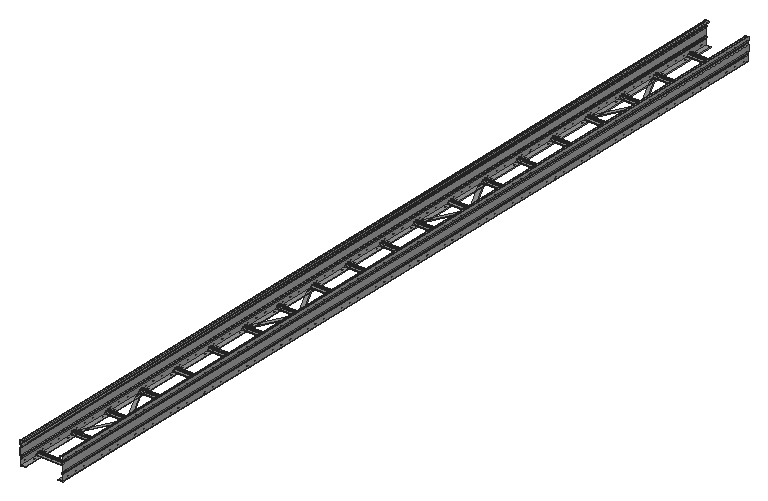
Revit family "W1630 FS, FT, FT SO, A4.28.08", category Generic Models, Revit 2017
Family settings
  Can host rebar = No
  Round Connector Dimension = Use Diameter
  Part Type = Normal
  Work Plane-Based = No
  Always vertical = Yes
  Cut with Voids When Loaded = No
  Shared = No
  Room Calculation Point = No
Parameters (values of type "WKLG 1630 FT")
  Width/2 = 300 mm / 2  # 150 mm
  Width = 300 mm
  URL = "http://obo-bettermann.com"
  Material = Hot-dip galvanised
  Manufacturer Art.No. = "6227139"
  Manufacturer = "OBO Bettermann"
  Length = 6000 mm
  Height 1 = 2 mm
  Height = 160 mm
  GTIN = "4012196169450"
  Cut's space 3 = 1500 mm
  Cut's space 2 = 300 mm
  Cut's space = 75 mm
  Cut's number 3 = Length / Cut's space 3  # 4
  Cut's number 2 = Length / Cut's space 2  # 20
  Cut's number = Length / Cut's space  # 80
  Article Type = "WKLG 1630 FT"
Reference planes
  plane 1 "Center (Front/Back)": y = 0
  plane 2: z = 0
  plane 3 "Center (Left/Right)": x = 0
  plane 4: z = 122
  plane 5: z = 52
  plane 6: z = 160
  plane 7: z = 122
  plane 8: z = 52
  plane 9: z = 160
  plane 10: z = 20
  plane 11: y = 37.5
  plane 12: z = 140
  plane 13: y = 37.5
  plane 14: z = 159.957
  plane 15: y = 112.5
  plane 16: z = 159.957
  plane 17: y = 187.5
  plane 18: z = 159.957
  plane 19: y = 262.5
  plane 20: z = 159.957
  plane 21: y = 337.5
  plane 22: z = 159.957
  plane 23: y = 412.5
  plane 24: z = 159.957
  plane 25: y = 487.5
  plane 26: z = 159.957
  plane 27: y = 562.5
  plane 28: z = 159.957
  plane 29: y = 637.5
  plane 30: z = 159.957
  plane 31: y = 712.5
  plane 32: z = 159.957
  plane 33: y = 787.5
  plane 34: z = 159.957
  plane 35: y = 862.5
  plane 36: z = 159.957
  plane 37: y = 937.5
  plane 38: z = 159.957
  plane 39: y = 1012.5
  plane 40: z = 159.957
  plane 41: y = 1087.5
  plane 42: z = 159.957
  plane 43: y = 1162.5
  plane 44: z = 159.957
  plane 45: y = 1237.5
  plane 46: z = 159.957
  plane 47: y = 1312.5
  plane 48: z = 159.957
  plane 49: y = 1387.5
  plane 50: z = 159.957
  plane 51: y = 1462.5
  plane 52: z = 159.957
  plane 53: y = 1537.5
  plane 54: z = 159.957
  plane 55: y = 1612.5
  plane 56: z = 159.957
  plane 57: y = 1687.5
  plane 58: z = 159.957
  plane 59: y = 1762.5
  plane 60: z = 159.957
  plane 61: y = 1837.5
  plane 62: z = 159.957
  plane 63: y = 1912.5
  plane 64: z = 159.957
  plane 65: y = 1987.5
  plane 66: z = 159.957
  plane 67: y = 2062.5
  plane 68: z = 159.957
  plane 69: y = 2137.5
  plane 70: z = 159.957
  plane 71: y = 2212.5
  plane 72: z = 159.957
  plane 73: y = 2287.5
  plane 74: z = 159.957
  plane 75: y = 2362.5
  plane 76: z = 159.957
  plane 77: y = 2437.5
  plane 78: z = 159.957
  plane 79: y = 2512.5
  plane 80: z = 159.957
  plane 81: y = 2587.5
  plane 82: z = 159.957
  plane 83: y = 2662.5
  plane 84: z = 159.957
  plane 85: y = 2737.5
  plane 86: z = 159.957
  plane 87: y = 2812.5
  plane 88: z = 159.957
  plane 89: y = 2887.5
  plane 90: z = 159.957
  plane 91: y = 2962.5
  plane 92: z = 159.957
  plane 93: y = 3037.5
  plane 94: z = 159.957
  plane 95: y = 3112.5
  plane 96: z = 159.957
  plane 97: y = 3187.5
  plane 98: z = 159.957
  plane 99: y = 3262.5
  plane 100: z = 159.957
  plane 101: y = 3337.5
  plane 102: z = 159.957
  plane 103: y = 3412.5
  plane 104: z = 159.957
  plane 105: y = 3487.5
  plane 106: z = 159.957
  plane 107: y = 3562.5
  plane 108: z = 159.957
  plane 109: y = 3637.5
  plane 110: z = 159.957
  plane 111: y = 3712.5
  plane 112: z = 159.957
  plane 113: y = 3787.5
  plane 114: z = 159.957
  plane 115: y = 3862.5
  plane 116: z = 159.957
  plane 117: y = 3937.5
  plane 118: z = 159.957
  plane 119: y = 4012.5
  plane 120: z = 159.957
  plane 121: y = 4087.5
  plane 122: z = 159.957
  plane 123: y = 4162.5
  plane 124: z = 159.957
  plane 125: y = 4237.5
  plane 126: z = 159.957
  plane 127: y = 4312.5
  plane 128: z = 159.957
  plane 129: y = 4387.5
  plane 130: z = 159.957
  plane 131: y = 4462.5
  plane 132: z = 159.957
  plane 133: y = 4537.5
  plane 134: z = 159.957
  plane 135: y = 4612.5
  plane 136: z = 159.957
  plane 137: y = 4687.5
  plane 138: z = 159.957
  plane 139: y = 4762.5
  plane 140: z = 159.957
  plane 141: y = 4837.5
  plane 142: z = 159.957
  plane 143: y = 4912.5
  plane 144: z = 159.957
  plane 145: y = 4987.5
  plane 146: z = 159.957
  plane 147: y = 5062.5
  plane 148: z = 159.957
  plane 149: y = 5137.5
  plane 150: z = 159.957
  plane 151: y = 5212.5
  plane 152: z = 159.957
  plane 153: y = 5287.5
  plane 154: z = 159.957
  plane 155: y = 5362.5
  plane 156: z = 159.957
  plane 157: y = 5437.5
  plane 158: z = 159.957
  plane 159: y = 5512.5
  plane 160: z = 159.957
  plane 161: y = 5587.5
  plane 162: z = 159.957
  plane 163: y = 5662.5
  plane 164: z = 159.957
  plane 165: y = 5737.5
  plane 166: z = 159.957
  plane 167: y = 5812.5
  plane 168: z = 159.957
  plane 169: y = 5887.5
  plane 170: z = 159.957
  plane 171: y = 5962.5
  plane 172: z = 159.957
  plane 173: z = 21.5
  plane 174: y = 141.595
  plane 175: y = 158.095
  plane 176: x = 146.514
  plane 177: x = 148.514
  plane 178: y = 99.595
  plane 179: y = 199.595
  plane 180: y = 149.595
  plane 181: x = -132
  plane 182: x = -134.5
  plane 183: x = -134.5
  plane 184: x = -134.5
  plane 185: x = -134.5
  plane 186: x = -134.5
  plane 187: x = -134.5
  plane 188: x = -134.5
  plane 189: x = -134.5
  plane 190: x = -134.5
  plane 191: x = -134.5
  plane 192: x = -134.5
  plane 193: x = -134.5
  plane 194: x = -134.5
  plane 195: x = -134.5
  plane 196: x = -134.5
  plane 197: x = -134.5
  plane 198: x = -134.5
  plane 199: x = -134.5
  plane 200: x = -134.5
  plane 201: x = -134.5
  plane 202: x = -132
  plane 203: x = -134.5
  plane 204: x = -134.5
  plane 205: x = -134.5
  plane 206: x = -134.5
  plane 207: x = -134.5
  plane 208: x = -134.5
  plane 209: x = -134.5
  plane 210: x = -134.5
  plane 211: x = -134.5
  plane 212: x = -134.5
  plane 213: x = -134.5
  plane 214: x = -134.5
  plane 215: x = -134.5
  plane 216: x = -134.5
  plane 217: x = -134.5
  plane 218: x = -134.5
  plane 219: x = -134.5
  plane 220: x = -134.5
  plane 221: x = -134.5
  plane 222: x = -134.5
  plane 223: y = 99.595
  plane 224: y = 199.595
  plane 225: x = 132
  plane 226: x = 134.5
  plane 227: x = -134.5
  plane 228: x = 132
  plane 229: x = -134.5
  plane 230: x = -137.5
  plane 231: x = -107.5
  plane 232: x = 137.5
  plane 233: y = 149.595
  plane 234: x = 107.5
  plane 235: x = -104.067
  plane 236: x = 140.164
  plane 237: x = -134.836
  plane 238: x = 111
  plane 239: z = 21.5
  plane 240: z = 21.5
  plane 241: x = -107.5
  plane 242: x = 137.5
  plane 243: y = 449.595
  plane 244: x = 107.5
  plane 245: x = -104.067
  plane 246: x = 140.164
  plane 247: x = -134.836
  plane 248: x = 111
  plane 249: z = 21.5
  plane 250: x = -107.5
  plane 251: x = 137.5
  plane 252: y = 749.595
  plane 253: x = 107.5
  plane 254: x = -104.067
  plane 255: x = 140.164
  plane 256: x = -134.836
  plane 257: x = 111
  plane 258: z = 21.5
  plane 259: x = -107.5
  plane 260: x = 137.5
  plane 261: y = 1049.595
  plane 262: x = 107.5
  plane 263: x = -104.067
  plane 264: x = 140.164
  plane 265: x = -134.836
  plane 266: x = 111
  plane 267: z = 21.5
  plane 268: x = -107.5
  plane 269: x = 137.5
  plane 270: y = 1349.595
  plane 271: x = 107.5
  plane 272: x = -104.067
  plane 273: x = 140.164
  plane 274: x = -134.836
  plane 275: x = 111
  plane 276: z = 21.5
  plane 277: x = -107.5
  plane 278: x = 137.5
  plane 279: y = 1649.595
  plane 280: x = 107.5
  plane 281: x = -104.067
  plane 282: x = 140.164
  plane 283: x = -134.836
  plane 284: x = 111
  plane 285: z = 21.5
  plane 286: x = -107.5
  plane 287: x = 137.5
  plane 288: y = 1949.595
  plane 289: x = 107.5
  plane 290: x = -104.067
  plane 291: x = 140.164
  plane 292: x = -134.836
  plane 293: x = 111
  plane 294: z = 21.5
  plane 295: x = -107.5
  plane 296: x = 137.5
  plane 297: y = 2249.595
  plane 298: x = 107.5
  plane 299: x = -104.067
  plane 300: x = 140.164
  plane 301: x = -134.836
  plane 302: x = 111
  plane 303: z = 21.5
  plane 304: x = -107.5
  plane 305: x = 137.5
  plane 306: y = 2549.595
  plane 307: x = 107.5
  plane 308: x = -104.067
  plane 309: x = 140.164
  plane 310: x = -134.836
  plane 311: x = 111
  plane 312: z = 21.5
  plane 313: x = -107.5
  plane 314: x = 137.5
  plane 315: y = 2849.595
  plane 316: x = 107.5
  plane 317: x = -104.067
  plane 318: x = 140.164
  plane 319: x = -134.836
  plane 320: x = 111
  plane 321: z = 21.5
  plane 322: x = -107.5
  plane 323: x = 137.5
  plane 324: y = 3149.595
  plane 325: x = 107.5
  plane 326: x = -104.067
  plane 327: x = 140.164
  plane 328: x = -134.836
  plane 329: x = 111
  plane 330: z = 21.5
  plane 331: x = -107.5
  plane 332: x = 137.5
  plane 333: y = 3449.595
  plane 334: x = 107.5
  plane 335: x = -104.067
  plane 336: x = 140.164
  plane 337: x = -134.836
  plane 338: x = 111
  plane 339: z = 21.5
  plane 340: x = -107.5
  plane 341: x = 137.5
  plane 342: y = 3749.595
  plane 343: x = 107.5
  plane 344: x = -104.067
  plane 345: x = 140.164
  plane 346: x = -134.836
  plane 347: x = 111
  plane 348: z = 21.5
  plane 349: x = -107.5
  plane 350: x = 137.5
  plane 351: y = 4049.595
  plane 352: x = 107.5
  plane 353: x = -104.067
  plane 354: x = 140.164
  plane 355: x = -134.836
  plane 356: x = 111
  plane 357: z = 21.5
  plane 358: x = -107.5
  plane 359: x = 137.5
  plane 360: y = 4349.595
  plane 361: x = 107.5
  plane 362: x = -104.067
  plane 363: x = 140.164
  plane 364: x = -134.836
  plane 365: x = 111
  plane 366: z = 21.5
  plane 367: x = -107.5
  plane 368: x = 137.5
  plane 369: y = 4649.595
  plane 370: x = 107.5
  plane 371: x = -104.067
  plane 372: x = 140.164
  plane 373: x = -134.836
  plane 374: x = 111
  plane 375: z = 21.5
  plane 376: x = -107.5
  plane 377: x = 137.5
  plane 378: y = 4949.595
  plane 379: x = 107.5
  plane 380: x = -104.067
  plane 381: x = 140.164
  plane 382: x = -134.836
  plane 383: x = 111
  plane 384: z = 21.5
  plane 385: x = -107.5
  plane 386: x = 137.5
  plane 387: y = 5249.595
  plane 388: x = 107.5
  plane 389: x = -104.067
  plane 390: x = 140.164
  plane 391: x = -134.836
  plane 392: x = 111
  plane 393: z = 21.5
  plane 394: x = -107.5
  plane 395: x = 137.5
  plane 396: y = 5549.595
  plane 397: x = 107.5
  plane 398: x = -104.067
  plane 399: x = 140.164
  plane 400: x = -134.836
  plane 401: x = 111
  plane 402: z = 21.5
  plane 403: x = -107.5
  plane 404: x = 137.5
  plane 405: y = 5849.595
  plane 406: x = 107.5
  plane 407: x = -104.067
  plane 408: x = 140.164
  plane 409: x = -134.836
  plane 410: x = 111
  plane 411: y = 177.446
  plane 412: y = 712.868
  plane 413: y = 705.646
  plane 414: y = 712.868
  plane 415: y = 177.446
  plane 416: y = 490.675
  plane 417: y = 490.675
  plane 418: y = 767.081
  plane 419: y = 2126.564
  plane 420: y = 749.595
  plane 421: y = 488.366
  plane 422: y = 1011.819
  plane 423: x = 137.923
  plane 424: y = 488.366
  plane 425: y = 1000.24
  plane 426: y = 1011.819
  plane 427: x = 115.618
  plane 428: y = 1000.24
  plane 429: y = 1988.366
  plane 430: y = 3488.366
  plane 431: y = 4988.366
Forms (mm)
  Extrusion 1, solid, material "Hot-dip galvanised" <- "Material"
    sketch origin (0, 0, 0) x (1, 0, 0) y (0, 0, 1)
      loop
        line (147, 160) -> (133, 160)
        arc (133, 160) -> (130.879, 159.121) -> (130, 157) r 3
        line (130, 157) -> (130, 150) -> (132, 150) -> (132, 156.5)
        arc (132, 156.5) -> (132.439, 157.561) -> (133.5, 158) r 1.5
        line (133.5, 158) -> (146.5, 158)
        arc (146.5, 158) -> (147.561, 157.561) -> (148, 156.5) r 1.5
        line (148, 156.5) -> (148, 133.761)
        arc (148, 133.761) -> (147.907, 133.16) -> (147.638, 132.614) r 2
        line (147.638, 132.614) -> (143.416, 126.584)
        arc (143.416, 126.584) -> (142.177, 121.959) -> (144.2, 117.619) r 7
        line (144.2, 117.619) -> (146.243, 115.577)
        arc (146.243, 115.577) -> (147.543, 113.63) -> (148, 111.334) r 6
        line (148, 111.334) -> (148, 63.94)
        arc (148, 63.94) -> (147.945, 63.474) -> (147.783, 63.034) r 2
        line (147.783, 63.034) -> (143.668, 54.935)
        arc (143.668, 54.935) -> (142.912, 51.978) -> (143.487, 48.979) r 7
        line (143.487, 48.979) -> (146.018, 43.142)
        arc (146.018, 43.142) -> (146.389, 41.974) -> (146.514, 40.755) r 6
        line (146.514, 40.755) -> (146.514, 3.5)
        arc (146.514, 3.5) -> (146.074, 2.439) -> (145.014, 2) r 1.5
        line (145.014, 2) -> (113.514, 2) -> (113.514, 0) -> (145.556, 0)
        arc (145.556, 0) -> (147.847, 1.064) -> (148.514, 3.5) r 3
        line (148.514, 3.5) -> (148.514, 40.755)
        arc (148.514, 40.755) -> (148.347, 42.38) -> (147.853, 43.938) r 8
        line (147.853, 43.938) -> (145.322, 49.775)
        arc (145.322, 49.775) -> (144.911, 51.917) -> (145.451, 54.029) r 5
        line (145.451, 54.029) -> (149.566, 62.128)
        arc (149.566, 62.128) -> (149.89, 63.008) -> (150, 63.94) r 4
        line (150, 63.94) -> (150, 111.334)
        arc (150, 111.334) -> (149.391, 114.396) -> (147.657, 116.991) r 8
        line (147.657, 116.991) -> (145.614, 119.033)
        arc (145.614, 119.033) -> (144.169, 122.133) -> (145.054, 125.437) r 5
        line (145.054, 125.437) -> (149.277, 131.467)
        arc (149.277, 131.467) -> (149.815, 132.558) -> (150, 133.761) r 4
        line (150, 133.761) -> (150, 157)
        arc (150, 157) -> (149.121, 159.121) -> (147, 160) r 3
    from -6000 to 0
  Extrusion 2, solid, material "Hot-dip galvanised" <- "Material"
    sketch origin (0, 0, 0) x (-1, 0, 0) y (0, 0, -1)
      loop
        arc (147, -160) -> (149.121, -159.121) -> (150, -157) r 3
        line (150, -157) -> (150, -133.761)
        arc (150, -133.761) -> (149.815, -132.558) -> (149.277, -131.467) r 4
        line (149.277, -131.467) -> (145.054, -125.437)
        arc (145.054, -125.437) -> (144.169, -122.133) -> (145.614, -119.033) r 5
        line (145.614, -119.033) -> (147.657, -116.991)
        arc (147.657, -116.991) -> (149.391, -114.396) -> (150, -111.334) r 8
        line (150, -111.334) -> (150, -63.94)
        arc (150, -63.94) -> (149.89, -63.008) -> (149.566, -62.128) r 4
        line (149.566, -62.128) -> (145.451, -54.029)
        arc (145.451, -54.029) -> (144.911, -51.917) -> (145.322, -49.775) r 5
        line (145.322, -49.775) -> (147.853, -43.938)
        arc (147.853, -43.938) -> (148.347, -42.38) -> (148.514, -40.755) r 8
        line (148.514, -40.755) -> (148.514, -3.5)
        arc (148.514, -3.5) -> (147.847, -1.064) -> (145.556, 0) r 3
        line (145.556, 0) -> (113.514, 0) -> (113.514, -2) -> (145.014, -2)
        arc (145.014, -2) -> (146.074, -2.439) -> (146.514, -3.5) r 1.5
        line (146.514, -3.5) -> (146.514, -40.755)
        arc (146.514, -40.755) -> (146.389, -41.974) -> (146.018, -43.142) r 6
        line (146.018, -43.142) -> (143.487, -48.979)
        arc (143.487, -48.979) -> (142.912, -51.978) -> (143.668, -54.935) r 7
        line (143.668, -54.935) -> (147.783, -63.034)
        arc (147.783, -63.034) -> (147.945, -63.474) -> (148, -63.94) r 2
        line (148, -63.94) -> (148, -111.334)
        arc (148, -111.334) -> (147.543, -113.63) -> (146.243, -115.577) r 6
        line (146.243, -115.577) -> (144.2, -117.619)
        arc (144.2, -117.619) -> (142.177, -121.959) -> (143.416, -126.584) r 7
        line (143.416, -126.584) -> (147.638, -132.614)
        arc (147.638, -132.614) -> (147.907, -133.16) -> (148, -133.761) r 2
        line (148, -133.761) -> (148, -156.5)
        arc (148, -156.5) -> (147.561, -157.561) -> (146.5, -158) r 1.5
        line (146.5, -158) -> (133.5, -158)
        arc (133.5, -158) -> (132.439, -157.561) -> (132, -156.5) r 1.5
        line (132, -156.5) -> (132, -150) -> (130, -150) -> (130, -157)
        arc (130, -157) -> (130.879, -159.121) -> (133, -160) r 3
        line (133, -160) -> (147, -160)
    from -6000 to 0
  Extrusion 3, void
    sketch origin (0, 0, 0) x (0, 1, 0) y (0, 0, 1)
      loop
        arc (25.5, 24.5) -> (25.146, 24.354) -> (25, 24) r 0.5
        line (25, 24) -> (25, 16)
        arc (25, 16) -> (25.146, 15.646) -> (25.5, 15.5) r 0.5
        line (25.5, 15.5) -> (49.5, 15.5)
        arc (49.5, 15.5) -> (49.854, 15.646) -> (50, 16) r 0.5
        line (50, 16) -> (50, 24)
        arc (50, 24) -> (49.854, 24.354) -> (49.5, 24.5) r 0.5
        line (49.5, 24.5) -> (25.5, 24.5)
    from 146.514 to 148.514
  Extrusion 4, void
    sketch origin (0, 0, 0) x (0, 1, 0) y (0, 0, 1)
      loop
        arc (25.5, 144.5) -> (25.146, 144.354) -> (25, 144) r 0.5
        line (25, 144) -> (25, 136)
        arc (25, 136) -> (25.146, 135.646) -> (25.5, 135.5) r 0.5
        line (25.5, 135.5) -> (49.5, 135.5)
        arc (49.5, 135.5) -> (49.854, 135.646) -> (50, 136) r 0.5
        line (50, 136) -> (50, 144)
        arc (50, 144) -> (49.854, 144.354) -> (49.5, 144.5) r 0.5
        line (49.5, 144.5) -> (25.5, 144.5)
    from 148 to 150
  Extrusion 5, void
    sketch origin (0, 75, 0) x (0, 1, 0) y (0, 0, 1)
      loop
        arc (25.5, 24.5) -> (25.146, 24.354) -> (25, 24) r 0.5
        line (25, 24) -> (25, 16)
        arc (25, 16) -> (25.146, 15.646) -> (25.5, 15.5) r 0.5
        line (25.5, 15.5) -> (49.5, 15.5)
        arc (49.5, 15.5) -> (49.854, 15.646) -> (50, 16) r 0.5
        line (50, 16) -> (50, 24)
        arc (50, 24) -> (49.854, 24.354) -> (49.5, 24.5) r 0.5
        line (49.5, 24.5) -> (25.5, 24.5)
    from 146.514 to 148.514
  Extrusion 6, void
    sketch origin (0, 75, 0) x (0, 1, 0) y (0, 0, 1)
      loop
        arc (25.5, 144.5) -> (25.146, 144.354) -> (25, 144) r 0.5
        line (25, 144) -> (25, 136)
        arc (25, 136) -> (25.146, 135.646) -> (25.5, 135.5) r 0.5
        line (25.5, 135.5) -> (49.5, 135.5)
        arc (49.5, 135.5) -> (49.854, 135.646) -> (50, 136) r 0.5
        line (50, 136) -> (50, 144)
        arc (50, 144) -> (49.854, 144.354) -> (49.5, 144.5) r 0.5
        line (49.5, 144.5) -> (25.5, 144.5)
    from 148 to 150
  Extrusion 7, void
    sketch origin (0, 150, 0) x (0, 1, 0) y (0, 0, 1)
      loop
        arc (25.5, 24.5) -> (25.146, 24.354) -> (25, 24) r 0.5
        line (25, 24) -> (25, 16)
        arc (25, 16) -> (25.146, 15.646) -> (25.5, 15.5) r 0.5
        line (25.5, 15.5) -> (49.5, 15.5)
        arc (49.5, 15.5) -> (49.854, 15.646) -> (50, 16) r 0.5
        line (50, 16) -> (50, 24)
        arc (50, 24) -> (49.854, 24.354) -> (49.5, 24.5) r 0.5
        line (49.5, 24.5) -> (25.5, 24.5)
    from 146.514 to 148.514
  Extrusion 8, void
    sketch origin (0, 150, 0) x (0, 1, 0) y (0, 0, 1)
      loop
        arc (25.5, 144.5) -> (25.146, 144.354) -> (25, 144) r 0.5
        line (25, 144) -> (25, 136)
        arc (25, 136) -> (25.146, 135.646) -> (25.5, 135.5) r 0.5
        line (25.5, 135.5) -> (49.5, 135.5)
        arc (49.5, 135.5) -> (49.854, 135.646) -> (50, 136) r 0.5
        line (50, 136) -> (50, 144)
        arc (50, 144) -> (49.854, 144.354) -> (49.5, 144.5) r 0.5
        line (49.5, 144.5) -> (25.5, 144.5)
    from 148 to 150
  Extrusion 9, void
    sketch origin (0, 225, 0) x (0, 1, 0) y (0, 0, 1)
      loop
        arc (25.5, 24.5) -> (25.146, 24.354) -> (25, 24) r 0.5
        line (25, 24) -> (25, 16)
        arc (25, 16) -> (25.146, 15.646) -> (25.5, 15.5) r 0.5
        line (25.5, 15.5) -> (49.5, 15.5)
        arc (49.5, 15.5) -> (49.854, 15.646) -> (50, 16) r 0.5
        line (50, 16) -> (50, 24)
        arc (50, 24) -> (49.854, 24.354) -> (49.5, 24.5) r 0.5
        line (49.5, 24.5) -> (25.5, 24.5)
    from 146.514 to 148.514
  Extrusion 10, void
    sketch origin (0, 225, 0) x (0, 1, 0) y (0, 0, 1)
      loop
        arc (25.5, 144.5) -> (25.146, 144.354) -> (25, 144) r 0.5
        line (25, 144) -> (25, 136)
        arc (25, 136) -> (25.146, 135.646) -> (25.5, 135.5) r 0.5
        line (25.5, 135.5) -> (49.5, 135.5)
        arc (49.5, 135.5) -> (49.854, 135.646) -> (50, 136) r 0.5
        line (50, 136) -> (50, 144)
        arc (50, 144) -> (49.854, 144.354) -> (49.5, 144.5) r 0.5
        line (49.5, 144.5) -> (25.5, 144.5)
    from 148 to 150
  Extrusion 11, void
    sketch origin (0, 300, 0) x (0, 1, 0) y (0, 0, 1)
      loop
        arc (25.5, 24.5) -> (25.146, 24.354) -> (25, 24) r 0.5
        line (25, 24) -> (25, 16)
        arc (25, 16) -> (25.146, 15.646) -> (25.5, 15.5) r 0.5
        line (25.5, 15.5) -> (49.5, 15.5)
        arc (49.5, 15.5) -> (49.854, 15.646) -> (50, 16) r 0.5
        line (50, 16) -> (50, 24)
        arc (50, 24) -> (49.854, 24.354) -> (49.5, 24.5) r 0.5
        line (49.5, 24.5) -> (25.5, 24.5)
    from 146.514 to 148.514
  Extrusion 12, void
    sketch origin (0, 300, 0) x (0, 1, 0) y (0, 0, 1)
      loop
        arc (25.5, 144.5) -> (25.146, 144.354) -> (25, 144) r 0.5
        line (25, 144) -> (25, 136)
        arc (25, 136) -> (25.146, 135.646) -> (25.5, 135.5) r 0.5
        line (25.5, 135.5) -> (49.5, 135.5)
        arc (49.5, 135.5) -> (49.854, 135.646) -> (50, 136) r 0.5
        line (50, 136) -> (50, 144)
        arc (50, 144) -> (49.854, 144.354) -> (49.5, 144.5) r 0.5
        line (49.5, 144.5) -> (25.5, 144.5)
    from 148 to 150
  Extrusion 13, void
    sketch origin (0, 375, 0) x (0, 1, 0) y (0, 0, 1)
      loop
        arc (25.5, 24.5) -> (25.146, 24.354) -> (25, 24) r 0.5
        line (25, 24) -> (25, 16)
        arc (25, 16) -> (25.146, 15.646) -> (25.5, 15.5) r 0.5
        line (25.5, 15.5) -> (49.5, 15.5)
        arc (49.5, 15.5) -> (49.854, 15.646) -> (50, 16) r 0.5
        line (50, 16) -> (50, 24)
        arc (50, 24) -> (49.854, 24.354) -> (49.5, 24.5) r 0.5
        line (49.5, 24.5) -> (25.5, 24.5)
    from 146.514 to 148.514
  Extrusion 14, void
    sketch origin (0, 375, 0) x (0, 1, 0) y (0, 0, 1)
      loop
        arc (25.5, 144.5) -> (25.146, 144.354) -> (25, 144) r 0.5
        line (25, 144) -> (25, 136)
        arc (25, 136) -> (25.146, 135.646) -> (25.5, 135.5) r 0.5
        line (25.5, 135.5) -> (49.5, 135.5)
        arc (49.5, 135.5) -> (49.854, 135.646) -> (50, 136) r 0.5
        line (50, 136) -> (50, 144)
        arc (50, 144) -> (49.854, 144.354) -> (49.5, 144.5) r 0.5
        line (49.5, 144.5) -> (25.5, 144.5)
    from 148 to 150
  Extrusion 15, void
    sketch origin (0, 450, 0) x (0, 1, 0) y (0, 0, 1)
      loop
        arc (25.5, 24.5) -> (25.146, 24.354) -> (25, 24) r 0.5
        line (25, 24) -> (25, 16)
        arc (25, 16) -> (25.146, 15.646) -> (25.5, 15.5) r 0.5
        line (25.5, 15.5) -> (49.5, 15.5)
        arc (49.5, 15.5) -> (49.854, 15.646) -> (50, 16) r 0.5
        line (50, 16) -> (50, 24)
        arc (50, 24) -> (49.854, 24.354) -> (49.5, 24.5) r 0.5
        line (49.5, 24.5) -> (25.5, 24.5)
    from 146.514 to 148.514
  Extrusion 16, void
    sketch origin (0, 450, 0) x (0, 1, 0) y (0, 0, 1)
      loop
        arc (25.5, 144.5) -> (25.146, 144.354) -> (25, 144) r 0.5
        line (25, 144) -> (25, 136)
        arc (25, 136) -> (25.146, 135.646) -> (25.5, 135.5) r 0.5
        line (25.5, 135.5) -> (49.5, 135.5)
        arc (49.5, 135.5) -> (49.854, 135.646) -> (50, 136) r 0.5
        line (50, 136) -> (50, 144)
        arc (50, 144) -> (49.854, 144.354) -> (49.5, 144.5) r 0.5
        line (49.5, 144.5) -> (25.5, 144.5)
    from 148 to 150
  Extrusion 17, void
    sketch origin (0, 525, 0) x (0, 1, 0) y (0, 0, 1)
      loop
        arc (25.5, 24.5) -> (25.146, 24.354) -> (25, 24) r 0.5
        line (25, 24) -> (25, 16)
        arc (25, 16) -> (25.146, 15.646) -> (25.5, 15.5) r 0.5
        line (25.5, 15.5) -> (49.5, 15.5)
        arc (49.5, 15.5) -> (49.854, 15.646) -> (50, 16) r 0.5
        line (50, 16) -> (50, 24)
        arc (50, 24) -> (49.854, 24.354) -> (49.5, 24.5) r 0.5
        line (49.5, 24.5) -> (25.5, 24.5)
    from 146.514 to 148.514
  Extrusion 18, void
    sketch origin (0, 525, 0) x (0, 1, 0) y (0, 0, 1)
      loop
        arc (25.5, 144.5) -> (25.146, 144.354) -> (25, 144) r 0.5
        line (25, 144) -> (25, 136)
        arc (25, 136) -> (25.146, 135.646) -> (25.5, 135.5) r 0.5
        line (25.5, 135.5) -> (49.5, 135.5)
        arc (49.5, 135.5) -> (49.854, 135.646) -> (50, 136) r 0.5
        line (50, 136) -> (50, 144)
        arc (50, 144) -> (49.854, 144.354) -> (49.5, 144.5) r 0.5
        line (49.5, 144.5) -> (25.5, 144.5)
    from 148 to 150
  Extrusion 19, void
    sketch origin (0, 600, 0) x (0, 1, 0) y (0, 0, 1)
      loop
        arc (25.5, 24.5) -> (25.146, 24.354) -> (25, 24) r 0.5
        line (25, 24) -> (25, 16)
        arc (25, 16) -> (25.146, 15.646) -> (25.5, 15.5) r 0.5
        line (25.5, 15.5) -> (49.5, 15.5)
        arc (49.5, 15.5) -> (49.854, 15.646) -> (50, 16) r 0.5
        line (50, 16) -> (50, 24)
        arc (50, 24) -> (49.854, 24.354) -> (49.5, 24.5) r 0.5
        line (49.5, 24.5) -> (25.5, 24.5)
    from 146.514 to 148.514
  Extrusion 20, void
    sketch origin (0, 600, 0) x (0, 1, 0) y (0, 0, 1)
      loop
        arc (25.5, 144.5) -> (25.146, 144.354) -> (25, 144) r 0.5
        line (25, 144) -> (25, 136)
        arc (25, 136) -> (25.146, 135.646) -> (25.5, 135.5) r 0.5
        line (25.5, 135.5) -> (49.5, 135.5)
        arc (49.5, 135.5) -> (49.854, 135.646) -> (50, 136) r 0.5
        line (50, 136) -> (50, 144)
        arc (50, 144) -> (49.854, 144.354) -> (49.5, 144.5) r 0.5
        line (49.5, 144.5) -> (25.5, 144.5)
    from 148 to 150
  Extrusion 21, void
    sketch origin (0, 675, 0) x (0, 1, 0) y (0, 0, 1)
      loop
        arc (25.5, 24.5) -> (25.146, 24.354) -> (25, 24) r 0.5
        line (25, 24) -> (25, 16)
        arc (25, 16) -> (25.146, 15.646) -> (25.5, 15.5) r 0.5
        line (25.5, 15.5) -> (49.5, 15.5)
        arc (49.5, 15.5) -> (49.854, 15.646) -> (50, 16) r 0.5
        line (50, 16) -> (50, 24)
        arc (50, 24) -> (49.854, 24.354) -> (49.5, 24.5) r 0.5
        line (49.5, 24.5) -> (25.5, 24.5)
    from 146.514 to 148.514
  Extrusion 22, void
    sketch origin (0, 675, 0) x (0, 1, 0) y (0, 0, 1)
      loop
        arc (25.5, 144.5) -> (25.146, 144.354) -> (25, 144) r 0.5
        line (25, 144) -> (25, 136)
        arc (25, 136) -> (25.146, 135.646) -> (25.5, 135.5) r 0.5
        line (25.5, 135.5) -> (49.5, 135.5)
        arc (49.5, 135.5) -> (49.854, 135.646) -> (50, 136) r 0.5
        line (50, 136) -> (50, 144)
        arc (50, 144) -> (49.854, 144.354) -> (49.5, 144.5) r 0.5
        line (49.5, 144.5) -> (25.5, 144.5)
    from 148 to 150
  Extrusion 23, void
    sketch origin (0, 750, 0) x (0, 1, 0) y (0, 0, 1)
      loop
        arc (25.5, 24.5) -> (25.146, 24.354) -> (25, 24) r 0.5
        line (25, 24) -> (25, 16)
        arc (25, 16) -> (25.146, 15.646) -> (25.5, 15.5) r 0.5
        line (25.5, 15.5) -> (49.5, 15.5)
        arc (49.5, 15.5) -> (49.854, 15.646) -> (50, 16) r 0.5
        line (50, 16) -> (50, 24)
        arc (50, 24) -> (49.854, 24.354) -> (49.5, 24.5) r 0.5
        line (49.5, 24.5) -> (25.5, 24.5)
    from 146.514 to 148.514
  Extrusion 24, void
    sketch origin (0, 750, 0) x (0, 1, 0) y (0, 0, 1)
      loop
        arc (25.5, 144.5) -> (25.146, 144.354) -> (25, 144) r 0.5
        line (25, 144) -> (25, 136)
        arc (25, 136) -> (25.146, 135.646) -> (25.5, 135.5) r 0.5
        line (25.5, 135.5) -> (49.5, 135.5)
        arc (49.5, 135.5) -> (49.854, 135.646) -> (50, 136) r 0.5
        line (50, 136) -> (50, 144)
        arc (50, 144) -> (49.854, 144.354) -> (49.5, 144.5) r 0.5
        line (49.5, 144.5) -> (25.5, 144.5)
    from 148 to 150
  Extrusion 25, void
    sketch origin (0, 825, 0) x (0, 1, 0) y (0, 0, 1)
      loop
        arc (25.5, 24.5) -> (25.146, 24.354) -> (25, 24) r 0.5
        line (25, 24) -> (25, 16)
        arc (25, 16) -> (25.146, 15.646) -> (25.5, 15.5) r 0.5
        line (25.5, 15.5) -> (49.5, 15.5)
        arc (49.5, 15.5) -> (49.854, 15.646) -> (50, 16) r 0.5
        line (50, 16) -> (50, 24)
        arc (50, 24) -> (49.854, 24.354) -> (49.5, 24.5) r 0.5
        line (49.5, 24.5) -> (25.5, 24.5)
    from 146.514 to 148.514
  Extrusion 26, void
    sketch origin (0, 825, 0) x (0, 1, 0) y (0, 0, 1)
      loop
        arc (25.5, 144.5) -> (25.146, 144.354) -> (25, 144) r 0.5
        line (25, 144) -> (25, 136)
        arc (25, 136) -> (25.146, 135.646) -> (25.5, 135.5) r 0.5
        line (25.5, 135.5) -> (49.5, 135.5)
        arc (49.5, 135.5) -> (49.854, 135.646) -> (50, 136) r 0.5
        line (50, 136) -> (50, 144)
        arc (50, 144) -> (49.854, 144.354) -> (49.5, 144.5) r 0.5
        line (49.5, 144.5) -> (25.5, 144.5)
    from 148 to 150
  Extrusion 27, void
    sketch origin (0, 900, 0) x (0, 1, 0) y (0, 0, 1)
      loop
        arc (25.5, 24.5) -> (25.146, 24.354) -> (25, 24) r 0.5
        line (25, 24) -> (25, 16)
        arc (25, 16) -> (25.146, 15.646) -> (25.5, 15.5) r 0.5
        line (25.5, 15.5) -> (49.5, 15.5)
        arc (49.5, 15.5) -> (49.854, 15.646) -> (50, 16) r 0.5
        line (50, 16) -> (50, 24)
        arc (50, 24) -> (49.854, 24.354) -> (49.5, 24.5) r 0.5
        line (49.5, 24.5) -> (25.5, 24.5)
    from 146.514 to 148.514
  Extrusion 28, void
    sketch origin (0, 900, 0) x (0, 1, 0) y (0, 0, 1)
      loop
        arc (25.5, 144.5) -> (25.146, 144.354) -> (25, 144) r 0.5
        line (25, 144) -> (25, 136)
        arc (25, 136) -> (25.146, 135.646) -> (25.5, 135.5) r 0.5
        line (25.5, 135.5) -> (49.5, 135.5)
        arc (49.5, 135.5) -> (49.854, 135.646) -> (50, 136) r 0.5
        line (50, 136) -> (50, 144)
        arc (50, 144) -> (49.854, 144.354) -> (49.5, 144.5) r 0.5
        line (49.5, 144.5) -> (25.5, 144.5)
    from 148 to 150
  Extrusion 29, void
    sketch origin (0, 975, 0) x (0, 1, 0) y (0, 0, 1)
      loop
        arc (25.5, 24.5) -> (25.146, 24.354) -> (25, 24) r 0.5
        line (25, 24) -> (25, 16)
        arc (25, 16) -> (25.146, 15.646) -> (25.5, 15.5) r 0.5
        line (25.5, 15.5) -> (49.5, 15.5)
        arc (49.5, 15.5) -> (49.854, 15.646) -> (50, 16) r 0.5
        line (50, 16) -> (50, 24)
        arc (50, 24) -> (49.854, 24.354) -> (49.5, 24.5) r 0.5
        line (49.5, 24.5) -> (25.5, 24.5)
    from 146.514 to 148.514
  Extrusion 30, void
    sketch origin (0, 975, 0) x (0, 1, 0) y (0, 0, 1)
      loop
        arc (25.5, 144.5) -> (25.146, 144.354) -> (25, 144) r 0.5
        line (25, 144) -> (25, 136)
        arc (25, 136) -> (25.146, 135.646) -> (25.5, 135.5) r 0.5
        line (25.5, 135.5) -> (49.5, 135.5)
        arc (49.5, 135.5) -> (49.854, 135.646) -> (50, 136) r 0.5
        line (50, 136) -> (50, 144)
        arc (50, 144) -> (49.854, 144.354) -> (49.5, 144.5) r 0.5
        line (49.5, 144.5) -> (25.5, 144.5)
    from 148 to 150
  Extrusion 31, void
    sketch origin (0, 1050, 0) x (0, 1, 0) y (0, 0, 1)
      loop
        arc (25.5, 24.5) -> (25.146, 24.354) -> (25, 24) r 0.5
        line (25, 24) -> (25, 16)
        arc (25, 16) -> (25.146, 15.646) -> (25.5, 15.5) r 0.5
        line (25.5, 15.5) -> (49.5, 15.5)
        arc (49.5, 15.5) -> (49.854, 15.646) -> (50, 16) r 0.5
        line (50, 16) -> (50, 24)
        arc (50, 24) -> (49.854, 24.354) -> (49.5, 24.5) r 0.5
        line (49.5, 24.5) -> (25.5, 24.5)
    from 146.514 to 148.514
  Extrusion 32, void
    sketch origin (0, 1050, 0) x (0, 1, 0) y (0, 0, 1)
      loop
        arc (25.5, 144.5) -> (25.146, 144.354) -> (25, 144) r 0.5
        line (25, 144) -> (25, 136)
        arc (25, 136) -> (25.146, 135.646) -> (25.5, 135.5) r 0.5
        line (25.5, 135.5) -> (49.5, 135.5)
        arc (49.5, 135.5) -> (49.854, 135.646) -> (50, 136) r 0.5
        line (50, 136) -> (50, 144)
        arc (50, 144) -> (49.854, 144.354) -> (49.5, 144.5) r 0.5
        line (49.5, 144.5) -> (25.5, 144.5)
    from 148 to 150
  Extrusion 33, void
    sketch origin (0, 1125, 0) x (0, 1, 0) y (0, 0, 1)
      loop
        arc (25.5, 24.5) -> (25.146, 24.354) -> (25, 24) r 0.5
        line (25, 24) -> (25, 16)
        arc (25, 16) -> (25.146, 15.646) -> (25.5, 15.5) r 0.5
        line (25.5, 15.5) -> (49.5, 15.5)
        arc (49.5, 15.5) -> (49.854, 15.646) -> (50, 16) r 0.5
        line (50, 16) -> (50, 24)
        arc (50, 24) -> (49.854, 24.354) -> (49.5, 24.5) r 0.5
        line (49.5, 24.5) -> (25.5, 24.5)
    from 146.514 to 148.514
  Extrusion 34, void
    sketch origin (0, 1125, 0) x (0, 1, 0) y (0, 0, 1)
      loop
        arc (25.5, 144.5) -> (25.146, 144.354) -> (25, 144) r 0.5
        line (25, 144) -> (25, 136)
        arc (25, 136) -> (25.146, 135.646) -> (25.5, 135.5) r 0.5
        line (25.5, 135.5) -> (49.5, 135.5)
        arc (49.5, 135.5) -> (49.854, 135.646) -> (50, 136) r 0.5
        line (50, 136) -> (50, 144)
        arc (50, 144) -> (49.854, 144.354) -> (49.5, 144.5) r 0.5
        line (49.5, 144.5) -> (25.5, 144.5)
    from 148 to 150
  Extrusion 35, void
    sketch origin (0, 1200, 0) x (0, 1, 0) y (0, 0, 1)
      loop
        arc (25.5, 24.5) -> (25.146, 24.354) -> (25, 24) r 0.5
        line (25, 24) -> (25, 16)
        arc (25, 16) -> (25.146, 15.646) -> (25.5, 15.5) r 0.5
        line (25.5, 15.5) -> (49.5, 15.5)
        arc (49.5, 15.5) -> (49.854, 15.646) -> (50, 16) r 0.5
        line (50, 16) -> (50, 24)
        arc (50, 24) -> (49.854, 24.354) -> (49.5, 24.5) r 0.5
        line (49.5, 24.5) -> (25.5, 24.5)
    from 146.514 to 148.514
  Extrusion 36, void
    sketch origin (0, 1200, 0) x (0, 1, 0) y (0, 0, 1)
      loop
        arc (25.5, 144.5) -> (25.146, 144.354) -> (25, 144) r 0.5
        line (25, 144) -> (25, 136)
        arc (25, 136) -> (25.146, 135.646) -> (25.5, 135.5) r 0.5
        line (25.5, 135.5) -> (49.5, 135.5)
        arc (49.5, 135.5) -> (49.854, 135.646) -> (50, 136) r 0.5
        line (50, 136) -> (50, 144)
        arc (50, 144) -> (49.854, 144.354) -> (49.5, 144.5) r 0.5
        line (49.5, 144.5) -> (25.5, 144.5)
    from 148 to 150
  Extrusion 37, void
    sketch origin (0, 1275, 0) x (0, 1, 0) y (0, 0, 1)
      loop
        arc (25.5, 24.5) -> (25.146, 24.354) -> (25, 24) r 0.5
        line (25, 24) -> (25, 16)
        arc (25, 16) -> (25.146, 15.646) -> (25.5, 15.5) r 0.5
        line (25.5, 15.5) -> (49.5, 15.5)
        arc (49.5, 15.5) -> (49.854, 15.646) -> (50, 16) r 0.5
        line (50, 16) -> (50, 24)
        arc (50, 24) -> (49.854, 24.354) -> (49.5, 24.5) r 0.5
        line (49.5, 24.5) -> (25.5, 24.5)
    from 146.514 to 148.514
  Extrusion 38, void
    sketch origin (0, 1275, 0) x (0, 1, 0) y (0, 0, 1)
      loop
        arc (25.5, 144.5) -> (25.146, 144.354) -> (25, 144) r 0.5
        line (25, 144) -> (25, 136)
        arc (25, 136) -> (25.146, 135.646) -> (25.5, 135.5) r 0.5
        line (25.5, 135.5) -> (49.5, 135.5)
        arc (49.5, 135.5) -> (49.854, 135.646) -> (50, 136) r 0.5
        line (50, 136) -> (50, 144)
        arc (50, 144) -> (49.854, 144.354) -> (49.5, 144.5) r 0.5
        line (49.5, 144.5) -> (25.5, 144.5)
    from 148 to 150
  Extrusion 39, void
    sketch origin (0, 1350, 0) x (0, 1, 0) y (0, 0, 1)
      loop
        arc (25.5, 24.5) -> (25.146, 24.354) -> (25, 24) r 0.5
        line (25, 24) -> (25, 16)
        arc (25, 16) -> (25.146, 15.646) -> (25.5, 15.5) r 0.5
        line (25.5, 15.5) -> (49.5, 15.5)
        arc (49.5, 15.5) -> (49.854, 15.646) -> (50, 16) r 0.5
        line (50, 16) -> (50, 24)
        arc (50, 24) -> (49.854, 24.354) -> (49.5, 24.5) r 0.5
        line (49.5, 24.5) -> (25.5, 24.5)
    from 146.514 to 148.514
  Extrusion 40, void
    sketch origin (0, 1350, 0) x (0, 1, 0) y (0, 0, 1)
      loop
        arc (25.5, 144.5) -> (25.146, 144.354) -> (25, 144) r 0.5
        line (25, 144) -> (25, 136)
        arc (25, 136) -> (25.146, 135.646) -> (25.5, 135.5) r 0.5
        line (25.5, 135.5) -> (49.5, 135.5)
        arc (49.5, 135.5) -> (49.854, 135.646) -> (50, 136) r 0.5
        line (50, 136) -> (50, 144)
        arc (50, 144) -> (49.854, 144.354) -> (49.5, 144.5) r 0.5
        line (49.5, 144.5) -> (25.5, 144.5)
    from 148 to 150
  Extrusion 41, void
    sketch origin (0, 1425, 0) x (0, 1, 0) y (0, 0, 1)
      loop
        arc (25.5, 24.5) -> (25.146, 24.354) -> (25, 24) r 0.5
        line (25, 24) -> (25, 16)
        arc (25, 16) -> (25.146, 15.646) -> (25.5, 15.5) r 0.5
        line (25.5, 15.5) -> (49.5, 15.5)
        arc (49.5, 15.5) -> (49.854, 15.646) -> (50, 16) r 0.5
        line (50, 16) -> (50, 24)
        arc (50, 24) -> (49.854, 24.354) -> (49.5, 24.5) r 0.5
        line (49.5, 24.5) -> (25.5, 24.5)
    from 146.514 to 148.514
  Extrusion 42, void
    sketch origin (0, 1425, 0) x (0, 1, 0) y (0, 0, 1)
      loop
        arc (25.5, 144.5) -> (25.146, 144.354) -> (25, 144) r 0.5
        line (25, 144) -> (25, 136)
        arc (25, 136) -> (25.146, 135.646) -> (25.5, 135.5) r 0.5
        line (25.5, 135.5) -> (49.5, 135.5)
        arc (49.5, 135.5) -> (49.854, 135.646) -> (50, 136) r 0.5
        line (50, 136) -> (50, 144)
        arc (50, 144) -> (49.854, 144.354) -> (49.5, 144.5) r 0.5
        line (49.5, 144.5) -> (25.5, 144.5)
    from 148 to 150
  Extrusion 43, void
    sketch origin (0, 1500, 0) x (0, 1, 0) y (0, 0, 1)
      loop
        arc (25.5, 24.5) -> (25.146, 24.354) -> (25, 24) r 0.5
        line (25, 24) -> (25, 16)
        arc (25, 16) -> (25.146, 15.646) -> (25.5, 15.5) r 0.5
        line (25.5, 15.5) -> (49.5, 15.5)
        arc (49.5, 15.5) -> (49.854, 15.646) -> (50, 16) r 0.5
        line (50, 16) -> (50, 24)
        arc (50, 24) -> (49.854, 24.354) -> (49.5, 24.5) r 0.5
        line (49.5, 24.5) -> (25.5, 24.5)
    from 146.514 to 148.514
  Extrusion 44, void
    sketch origin (0, 1500, 0) x (0, 1, 0) y (0, 0, 1)
      loop
        arc (25.5, 144.5) -> (25.146, 144.354) -> (25, 144) r 0.5
        line (25, 144) -> (25, 136)
        arc (25, 136) -> (25.146, 135.646) -> (25.5, 135.5) r 0.5
        line (25.5, 135.5) -> (49.5, 135.5)
        arc (49.5, 135.5) -> (49.854, 135.646) -> (50, 136) r 0.5
        line (50, 136) -> (50, 144)
        arc (50, 144) -> (49.854, 144.354) -> (49.5, 144.5) r 0.5
        line (49.5, 144.5) -> (25.5, 144.5)
    from 148 to 150
  Extrusion 45, void
    sketch origin (0, 1575, 0) x (0, 1, 0) y (0, 0, 1)
      loop
        arc (25.5, 24.5) -> (25.146, 24.354) -> (25, 24) r 0.5
        line (25, 24) -> (25, 16)
        arc (25, 16) -> (25.146, 15.646) -> (25.5, 15.5) r 0.5
        line (25.5, 15.5) -> (49.5, 15.5)
        arc (49.5, 15.5) -> (49.854, 15.646) -> (50, 16) r 0.5
        line (50, 16) -> (50, 24)
        arc (50, 24) -> (49.854, 24.354) -> (49.5, 24.5) r 0.5
        line (49.5, 24.5) -> (25.5, 24.5)
    from 146.514 to 148.514
  Extrusion 46, void
    sketch origin (0, 1575, 0) x (0, 1, 0) y (0, 0, 1)
      loop
        arc (25.5, 144.5) -> (25.146, 144.354) -> (25, 144) r 0.5
        line (25, 144) -> (25, 136)
        arc (25, 136) -> (25.146, 135.646) -> (25.5, 135.5) r 0.5
        line (25.5, 135.5) -> (49.5, 135.5)
        arc (49.5, 135.5) -> (49.854, 135.646) -> (50, 136) r 0.5
        line (50, 136) -> (50, 144)
        arc (50, 144) -> (49.854, 144.354) -> (49.5, 144.5) r 0.5
        line (49.5, 144.5) -> (25.5, 144.5)
    from 148 to 150
  Extrusion 47, void
    sketch origin (0, 1650, 0) x (0, 1, 0) y (0, 0, 1)
      loop
        arc (25.5, 24.5) -> (25.146, 24.354) -> (25, 24) r 0.5
        line (25, 24) -> (25, 16)
        arc (25, 16) -> (25.146, 15.646) -> (25.5, 15.5) r 0.5
        line (25.5, 15.5) -> (49.5, 15.5)
        arc (49.5, 15.5) -> (49.854, 15.646) -> (50, 16) r 0.5
        line (50, 16) -> (50, 24)
        arc (50, 24) -> (49.854, 24.354) -> (49.5, 24.5) r 0.5
        line (49.5, 24.5) -> (25.5, 24.5)
    from 146.514 to 148.514
  Extrusion 48, void
    sketch origin (0, 1650, 0) x (0, 1, 0) y (0, 0, 1)
      loop
        arc (25.5, 144.5) -> (25.146, 144.354) -> (25, 144) r 0.5
        line (25, 144) -> (25, 136)
        arc (25, 136) -> (25.146, 135.646) -> (25.5, 135.5) r 0.5
        line (25.5, 135.5) -> (49.5, 135.5)
        arc (49.5, 135.5) -> (49.854, 135.646) -> (50, 136) r 0.5
        line (50, 136) -> (50, 144)
        arc (50, 144) -> (49.854, 144.354) -> (49.5, 144.5) r 0.5
        line (49.5, 144.5) -> (25.5, 144.5)
    from 148 to 150
  Extrusion 49, void
    sketch origin (0, 1725, 0) x (0, 1, 0) y (0, 0, 1)
      loop
        arc (25.5, 24.5) -> (25.146, 24.354) -> (25, 24) r 0.5
        line (25, 24) -> (25, 16)
        arc (25, 16) -> (25.146, 15.646) -> (25.5, 15.5) r 0.5
        line (25.5, 15.5) -> (49.5, 15.5)
        arc (49.5, 15.5) -> (49.854, 15.646) -> (50, 16) r 0.5
        line (50, 16) -> (50, 24)
        arc (50, 24) -> (49.854, 24.354) -> (49.5, 24.5) r 0.5
        line (49.5, 24.5) -> (25.5, 24.5)
    from 146.514 to 148.514
  Extrusion 50, void
    sketch origin (0, 1725, 0) x (0, 1, 0) y (0, 0, 1)
      loop
        arc (25.5, 144.5) -> (25.146, 144.354) -> (25, 144) r 0.5
        line (25, 144) -> (25, 136)
        arc (25, 136) -> (25.146, 135.646) -> (25.5, 135.5) r 0.5
        line (25.5, 135.5) -> (49.5, 135.5)
        arc (49.5, 135.5) -> (49.854, 135.646) -> (50, 136) r 0.5
        line (50, 136) -> (50, 144)
        arc (50, 144) -> (49.854, 144.354) -> (49.5, 144.5) r 0.5
        line (49.5, 144.5) -> (25.5, 144.5)
    from 148 to 150
  Extrusion 51, void
    sketch origin (0, 1800, 0) x (0, 1, 0) y (0, 0, 1)
      loop
        arc (25.5, 24.5) -> (25.146, 24.354) -> (25, 24) r 0.5
        line (25, 24) -> (25, 16)
        arc (25, 16) -> (25.146, 15.646) -> (25.5, 15.5) r 0.5
        line (25.5, 15.5) -> (49.5, 15.5)
        arc (49.5, 15.5) -> (49.854, 15.646) -> (50, 16) r 0.5
        line (50, 16) -> (50, 24)
        arc (50, 24) -> (49.854, 24.354) -> (49.5, 24.5) r 0.5
        line (49.5, 24.5) -> (25.5, 24.5)
    from 146.514 to 148.514
  Extrusion 52, void
    sketch origin (0, 1800, 0) x (0, 1, 0) y (0, 0, 1)
      loop
        arc (25.5, 144.5) -> (25.146, 144.354) -> (25, 144) r 0.5
        line (25, 144) -> (25, 136)
        arc (25, 136) -> (25.146, 135.646) -> (25.5, 135.5) r 0.5
        line (25.5, 135.5) -> (49.5, 135.5)
        arc (49.5, 135.5) -> (49.854, 135.646) -> (50, 136) r 0.5
        line (50, 136) -> (50, 144)
        arc (50, 144) -> (49.854, 144.354) -> (49.5, 144.5) r 0.5
        line (49.5, 144.5) -> (25.5, 144.5)
    from 148 to 150
  Extrusion 53, void
    sketch origin (0, 1875, 0) x (0, 1, 0) y (0, 0, 1)
      loop
        arc (25.5, 24.5) -> (25.146, 24.354) -> (25, 24) r 0.5
        line (25, 24) -> (25, 16)
        arc (25, 16) -> (25.146, 15.646) -> (25.5, 15.5) r 0.5
        line (25.5, 15.5) -> (49.5, 15.5)
        arc (49.5, 15.5) -> (49.854, 15.646) -> (50, 16) r 0.5
        line (50, 16) -> (50, 24)
        arc (50, 24) -> (49.854, 24.354) -> (49.5, 24.5) r 0.5
        line (49.5, 24.5) -> (25.5, 24.5)
    from 146.514 to 148.514
  Extrusion 54, void
    sketch origin (0, 1875, 0) x (0, 1, 0) y (0, 0, 1)
      loop
        arc (25.5, 144.5) -> (25.146, 144.354) -> (25, 144) r 0.5
        line (25, 144) -> (25, 136)
        arc (25, 136) -> (25.146, 135.646) -> (25.5, 135.5) r 0.5
        line (25.5, 135.5) -> (49.5, 135.5)
        arc (49.5, 135.5) -> (49.854, 135.646) -> (50, 136) r 0.5
        line (50, 136) -> (50, 144)
        arc (50, 144) -> (49.854, 144.354) -> (49.5, 144.5) r 0.5
        line (49.5, 144.5) -> (25.5, 144.5)
    from 148 to 150
  Extrusion 55, void
    sketch origin (0, 1950, 0) x (0, 1, 0) y (0, 0, 1)
      loop
        arc (25.5, 24.5) -> (25.146, 24.354) -> (25, 24) r 0.5
        line (25, 24) -> (25, 16)
        arc (25, 16) -> (25.146, 15.646) -> (25.5, 15.5) r 0.5
        line (25.5, 15.5) -> (49.5, 15.5)
        arc (49.5, 15.5) -> (49.854, 15.646) -> (50, 16) r 0.5
        line (50, 16) -> (50, 24)
        arc (50, 24) -> (49.854, 24.354) -> (49.5, 24.5) r 0.5
        line (49.5, 24.5) -> (25.5, 24.5)
    from 146.514 to 148.514
  Extrusion 56, void
    sketch origin (0, 1950, 0) x (0, 1, 0) y (0, 0, 1)
      loop
        arc (25.5, 144.5) -> (25.146, 144.354) -> (25, 144) r 0.5
        line (25, 144) -> (25, 136)
        arc (25, 136) -> (25.146, 135.646) -> (25.5, 135.5) r 0.5
        line (25.5, 135.5) -> (49.5, 135.5)
        arc (49.5, 135.5) -> (49.854, 135.646) -> (50, 136) r 0.5
        line (50, 136) -> (50, 144)
        arc (50, 144) -> (49.854, 144.354) -> (49.5, 144.5) r 0.5
        line (49.5, 144.5) -> (25.5, 144.5)
    from 148 to 150
  Extrusion 57, void
    sketch origin (0, 2025, 0) x (0, 1, 0) y (0, 0, 1)
      loop
        arc (25.5, 24.5) -> (25.146, 24.354) -> (25, 24) r 0.5
        line (25, 24) -> (25, 16)
        arc (25, 16) -> (25.146, 15.646) -> (25.5, 15.5) r 0.5
        line (25.5, 15.5) -> (49.5, 15.5)
        arc (49.5, 15.5) -> (49.854, 15.646) -> (50, 16) r 0.5
        line (50, 16) -> (50, 24)
        arc (50, 24) -> (49.854, 24.354) -> (49.5, 24.5) r 0.5
        line (49.5, 24.5) -> (25.5, 24.5)
    from 146.514 to 148.514
  Extrusion 58, void
    sketch origin (0, 2025, 0) x (0, 1, 0) y (0, 0, 1)
      loop
        arc (25.5, 144.5) -> (25.146, 144.354) -> (25, 144) r 0.5
        line (25, 144) -> (25, 136)
        arc (25, 136) -> (25.146, 135.646) -> (25.5, 135.5) r 0.5
        line (25.5, 135.5) -> (49.5, 135.5)
        arc (49.5, 135.5) -> (49.854, 135.646) -> (50, 136) r 0.5
        line (50, 136) -> (50, 144)
        arc (50, 144) -> (49.854, 144.354) -> (49.5, 144.5) r 0.5
        line (49.5, 144.5) -> (25.5, 144.5)
    from 148 to 150
  Extrusion 59, void
    sketch origin (0, 2100, 0) x (0, 1, 0) y (0, 0, 1)
      loop
        arc (25.5, 24.5) -> (25.146, 24.354) -> (25, 24) r 0.5
        line (25, 24) -> (25, 16)
        arc (25, 16) -> (25.146, 15.646) -> (25.5, 15.5) r 0.5
        line (25.5, 15.5) -> (49.5, 15.5)
        arc (49.5, 15.5) -> (49.854, 15.646) -> (50, 16) r 0.5
        line (50, 16) -> (50, 24)
        arc (50, 24) -> (49.854, 24.354) -> (49.5, 24.5) r 0.5
        line (49.5, 24.5) -> (25.5, 24.5)
    from 146.514 to 148.514
  Extrusion 60, void
    sketch origin (0, 2100, 0) x (0, 1, 0) y (0, 0, 1)
      loop
        arc (25.5, 144.5) -> (25.146, 144.354) -> (25, 144) r 0.5
        line (25, 144) -> (25, 136)
        arc (25, 136) -> (25.146, 135.646) -> (25.5, 135.5) r 0.5
        line (25.5, 135.5) -> (49.5, 135.5)
        arc (49.5, 135.5) -> (49.854, 135.646) -> (50, 136) r 0.5
        line (50, 136) -> (50, 144)
        arc (50, 144) -> (49.854, 144.354) -> (49.5, 144.5) r 0.5
        line (49.5, 144.5) -> (25.5, 144.5)
    from 148 to 150
  Extrusion 61, void
    sketch origin (0, 2175, 0) x (0, 1, 0) y (0, 0, 1)
      loop
        arc (25.5, 24.5) -> (25.146, 24.354) -> (25, 24) r 0.5
        line (25, 24) -> (25, 16)
        arc (25, 16) -> (25.146, 15.646) -> (25.5, 15.5) r 0.5
        line (25.5, 15.5) -> (49.5, 15.5)
        arc (49.5, 15.5) -> (49.854, 15.646) -> (50, 16) r 0.5
        line (50, 16) -> (50, 24)
        arc (50, 24) -> (49.854, 24.354) -> (49.5, 24.5) r 0.5
        line (49.5, 24.5) -> (25.5, 24.5)
    from 146.514 to 148.514
  Extrusion 62, void
    sketch origin (0, 2175, 0) x (0, 1, 0) y (0, 0, 1)
      loop
        arc (25.5, 144.5) -> (25.146, 144.354) -> (25, 144) r 0.5
        line (25, 144) -> (25, 136)
        arc (25, 136) -> (25.146, 135.646) -> (25.5, 135.5) r 0.5
        line (25.5, 135.5) -> (49.5, 135.5)
        arc (49.5, 135.5) -> (49.854, 135.646) -> (50, 136) r 0.5
        line (50, 136) -> (50, 144)
        arc (50, 144) -> (49.854, 144.354) -> (49.5, 144.5) r 0.5
        line (49.5, 144.5) -> (25.5, 144.5)
    from 148 to 150
  Extrusion 63, void
    sketch origin (0, 2250, 0) x (0, 1, 0) y (0, 0, 1)
      loop
        arc (25.5, 24.5) -> (25.146, 24.354) -> (25, 24) r 0.5
        line (25, 24) -> (25, 16)
        arc (25, 16) -> (25.146, 15.646) -> (25.5, 15.5) r 0.5
        line (25.5, 15.5) -> (49.5, 15.5)
        arc (49.5, 15.5) -> (49.854, 15.646) -> (50, 16) r 0.5
        line (50, 16) -> (50, 24)
        arc (50, 24) -> (49.854, 24.354) -> (49.5, 24.5) r 0.5
        line (49.5, 24.5) -> (25.5, 24.5)
    from 146.514 to 148.514
  Extrusion 64, void
    sketch origin (0, 2250, 0) x (0, 1, 0) y (0, 0, 1)
      loop
        arc (25.5, 144.5) -> (25.146, 144.354) -> (25, 144) r 0.5
        line (25, 144) -> (25, 136)
        arc (25, 136) -> (25.146, 135.646) -> (25.5, 135.5) r 0.5
        line (25.5, 135.5) -> (49.5, 135.5)
        arc (49.5, 135.5) -> (49.854, 135.646) -> (50, 136) r 0.5
        line (50, 136) -> (50, 144)
        arc (50, 144) -> (49.854, 144.354) -> (49.5, 144.5) r 0.5
        line (49.5, 144.5) -> (25.5, 144.5)
    from 148 to 150
  Extrusion 65, void
    sketch origin (0, 2325, 0) x (0, 1, 0) y (0, 0, 1)
      loop
        arc (25.5, 24.5) -> (25.146, 24.354) -> (25, 24) r 0.5
        line (25, 24) -> (25, 16)
        arc (25, 16) -> (25.146, 15.646) -> (25.5, 15.5) r 0.5
        line (25.5, 15.5) -> (49.5, 15.5)
        arc (49.5, 15.5) -> (49.854, 15.646) -> (50, 16) r 0.5
        line (50, 16) -> (50, 24)
        arc (50, 24) -> (49.854, 24.354) -> (49.5, 24.5) r 0.5
        line (49.5, 24.5) -> (25.5, 24.5)
    from 146.514 to 148.514
  Extrusion 66, void
    sketch origin (0, 2325, 0) x (0, 1, 0) y (0, 0, 1)
      loop
        arc (25.5, 144.5) -> (25.146, 144.354) -> (25, 144) r 0.5
        line (25, 144) -> (25, 136)
        arc (25, 136) -> (25.146, 135.646) -> (25.5, 135.5) r 0.5
        line (25.5, 135.5) -> (49.5, 135.5)
        arc (49.5, 135.5) -> (49.854, 135.646) -> (50, 136) r 0.5
        line (50, 136) -> (50, 144)
        arc (50, 144) -> (49.854, 144.354) -> (49.5, 144.5) r 0.5
        line (49.5, 144.5) -> (25.5, 144.5)
    from 148 to 150
  Extrusion 67, void
    sketch origin (0, 2400, 0) x (0, 1, 0) y (0, 0, 1)
      loop
        arc (25.5, 24.5) -> (25.146, 24.354) -> (25, 24) r 0.5
        line (25, 24) -> (25, 16)
        arc (25, 16) -> (25.146, 15.646) -> (25.5, 15.5) r 0.5
        line (25.5, 15.5) -> (49.5, 15.5)
        arc (49.5, 15.5) -> (49.854, 15.646) -> (50, 16) r 0.5
        line (50, 16) -> (50, 24)
        arc (50, 24) -> (49.854, 24.354) -> (49.5, 24.5) r 0.5
        line (49.5, 24.5) -> (25.5, 24.5)
    from 146.514 to 148.514
  Extrusion 68, void
    sketch origin (0, 2400, 0) x (0, 1, 0) y (0, 0, 1)
      loop
        arc (25.5, 144.5) -> (25.146, 144.354) -> (25, 144) r 0.5
        line (25, 144) -> (25, 136)
        arc (25, 136) -> (25.146, 135.646) -> (25.5, 135.5) r 0.5
        line (25.5, 135.5) -> (49.5, 135.5)
        arc (49.5, 135.5) -> (49.854, 135.646) -> (50, 136) r 0.5
        line (50, 136) -> (50, 144)
        arc (50, 144) -> (49.854, 144.354) -> (49.5, 144.5) r 0.5
        line (49.5, 144.5) -> (25.5, 144.5)
    from 148 to 150
  Extrusion 69, void
    sketch origin (0, 2475, 0) x (0, 1, 0) y (0, 0, 1)
      loop
        arc (25.5, 24.5) -> (25.146, 24.354) -> (25, 24) r 0.5
        line (25, 24) -> (25, 16)
        arc (25, 16) -> (25.146, 15.646) -> (25.5, 15.5) r 0.5
        line (25.5, 15.5) -> (49.5, 15.5)
        arc (49.5, 15.5) -> (49.854, 15.646) -> (50, 16) r 0.5
        line (50, 16) -> (50, 24)
        arc (50, 24) -> (49.854, 24.354) -> (49.5, 24.5) r 0.5
        line (49.5, 24.5) -> (25.5, 24.5)
    from 146.514 to 148.514
  Extrusion 70, void
    sketch origin (0, 2475, 0) x (0, 1, 0) y (0, 0, 1)
      loop
        arc (25.5, 144.5) -> (25.146, 144.354) -> (25, 144) r 0.5
        line (25, 144) -> (25, 136)
        arc (25, 136) -> (25.146, 135.646) -> (25.5, 135.5) r 0.5
        line (25.5, 135.5) -> (49.5, 135.5)
        arc (49.5, 135.5) -> (49.854, 135.646) -> (50, 136) r 0.5
        line (50, 136) -> (50, 144)
        arc (50, 144) -> (49.854, 144.354) -> (49.5, 144.5) r 0.5
        line (49.5, 144.5) -> (25.5, 144.5)
    from 148 to 150
  Extrusion 71, void
    sketch origin (0, 2550, 0) x (0, 1, 0) y (0, 0, 1)
      loop
        arc (25.5, 24.5) -> (25.146, 24.354) -> (25, 24) r 0.5
        line (25, 24) -> (25, 16)
        arc (25, 16) -> (25.146, 15.646) -> (25.5, 15.5) r 0.5
        line (25.5, 15.5) -> (49.5, 15.5)
        arc (49.5, 15.5) -> (49.854, 15.646) -> (50, 16) r 0.5
        line (50, 16) -> (50, 24)
        arc (50, 24) -> (49.854, 24.354) -> (49.5, 24.5) r 0.5
        line (49.5, 24.5) -> (25.5, 24.5)
    from 146.514 to 148.514
  Extrusion 72, void
    sketch origin (0, 2550, 0) x (0, 1, 0) y (0, 0, 1)
      loop
        arc (25.5, 144.5) -> (25.146, 144.354) -> (25, 144) r 0.5
        line (25, 144) -> (25, 136)
        arc (25, 136) -> (25.146, 135.646) -> (25.5, 135.5) r 0.5
        line (25.5, 135.5) -> (49.5, 135.5)
        arc (49.5, 135.5) -> (49.854, 135.646) -> (50, 136) r 0.5
        line (50, 136) -> (50, 144)
        arc (50, 144) -> (49.854, 144.354) -> (49.5, 144.5) r 0.5
        line (49.5, 144.5) -> (25.5, 144.5)
    from 148 to 150
  Extrusion 73, void
    sketch origin (0, 2625, 0) x (0, 1, 0) y (0, 0, 1)
      loop
        arc (25.5, 24.5) -> (25.146, 24.354) -> (25, 24) r 0.5
        line (25, 24) -> (25, 16)
        arc (25, 16) -> (25.146, 15.646) -> (25.5, 15.5) r 0.5
        line (25.5, 15.5) -> (49.5, 15.5)
        arc (49.5, 15.5) -> (49.854, 15.646) -> (50, 16) r 0.5
        line (50, 16) -> (50, 24)
        arc (50, 24) -> (49.854, 24.354) -> (49.5, 24.5) r 0.5
        line (49.5, 24.5) -> (25.5, 24.5)
    from 146.514 to 148.514
